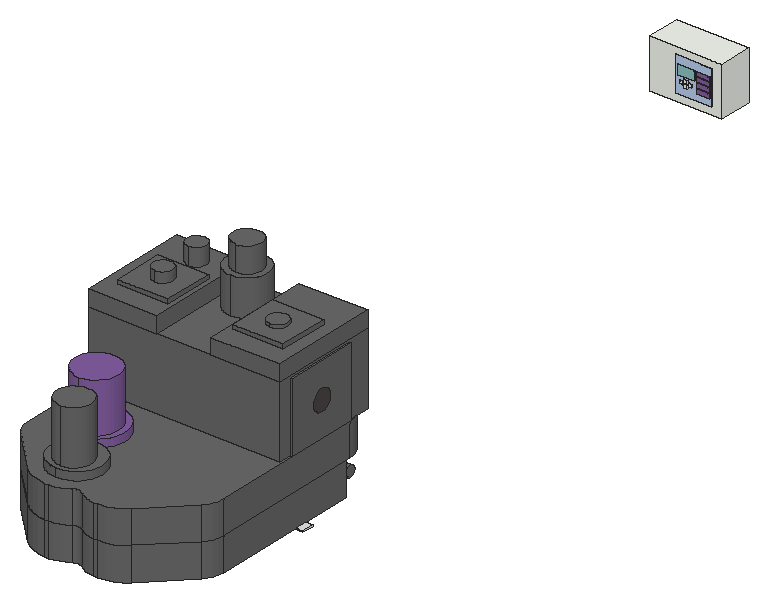
Revit family "11036", category Generic Models, Revit 2021
Family settings
  Can host rebar = No
  Round Connector Dimension = Use Diameter
  Part Type = Normal
  Work Plane-Based = No
  Always vertical = Yes
  Cut with Voids When Loaded = No
  Shared = Yes
  Room Calculation Point = No
Parameters (values of type "11036")
  SUPPLIER = "KESSEL"
  SA700ID49 = "Protection Class I"
  SA700ID48 = "no"
  SA700ID47 = "no"
  SA700ID46 = "yes"
  SA700ID37 = 16000 mm
  SA700ID34 = 47
  SA700ID33 = 3.2 W
  SA700ID32 = 64.23 kg
  SA700ID31 = 1
  SA700ID30 = 1
  SA700ID29 = "GLRD"
  SA700ID21 = 1600
  SA700ID10 = "yes"
  SA700ID08 = 400 V
  PROCUREWEBLINK = "https://p.caden.as/kessel/11036"
  PROCURELINK = "p.caden.as/kessel/11036"
  PROCUREDATALASTUPDATE = "2024-05-22T12:18:05.95377132+01:00"
  PREVIEW = "../../_pool_/fd/4b/11036.png"
  PRC_SPECIFICATIONLINK = "https://ausschreiben.de/catalog/kessel/catalogItem/821f8c6f-f828-4bcd-bf8f-00cce5e51f43"
  NN = "Lifting station Aqualift F XL"
  NBSYN = "$SA810ID03."
  NB = "11036"
  Model = "11036"
  Manufacturer = "KESSEL"
  MIdent = "{$CADENAS_DATA/23d-libs/kessel/kessel_vdi_import/4/entwaesserung/hebeanlage20aqualift20f20xl.prj},201 {STYP=ASS},{VTYP=3D},{NB=11036},{LINA=11036},{NN=Lifting station Aqualift F XL},{DATE=21.11.2022 10:48:11},{GEOMDATE=21.11.2022 10:48:11},{VERSION=},{LINEID=400},{WBVAR=LODLEVEL},{WBNUMERIC=LODLEVEL}  {NB=11036},{LINA=11036},{KT=DUMMY},{PREVIEW=../../_pool_/fd/4b/11036.png},{SA700ID04=Hebeanlage Aqualift F XL 200 l, Mono, SPF 3000-S3},{SA810ID06=04026092057032},{SA700ID34=47.00},{SA010ID03=201805},{SA810ID03=11036},{SA810ID10=Die Hebeanlage für fäkalienhaltiges und fäkalienfreies Abwasser ist mit einer überflutbaren Pumpe sowie einem Rückflussverhinderer ausgestattet. Der Sammelbehälter aus dauerhaft beständigem Kunststoff (PE) bietet universale Anschlussmöglichkeiten und hat eine verschraubte Reinigungsöffnung.Die Steuerung erfolgt durch ein anwenderfreundliches Schaltgerät, das optional über einen potentialfreien Kontakt in die Gebäudeleittechnik eingebunden werden oder Alarm- und Sammelstörmeldungen über eine GSM-Schnittstelle (Comfort Schaltgerät) ausgeben kann.Ausführung:Absperreinrichtung: ohne SchieberAnlagenart: EinzelanlagePumpensteuerung: SchaltgerätRückflussverhinderer: integriertSchalldämmmatte: jaEinbausituation: freie AufstellungAbwasserart: fäkalienhaltigAllgemeine Merkmale:Farbe: schwarzNorm: EN 12050-1Abmessungen:Länge: 980 mmBreite: 760 mmHöhe: 788 mmBehälter/Grundkörper:Zulauf Anzahl: 1 STZulauf Nennweite (DN): 100 mmZulauf Nennweite (DA): 110 mmZulauf max. Anbohrung (DN): 200 mmAnschluss für Handmembranpumpe (DN): 32Behältervolumen: 200 lDruckabgang: senkrechtDruckabgang (DA): 110 mmDruckabgang (DN): 100 mmEntlüftungsanschluss (DN): 70 mmNutzvolumen: 120 lFördereinrichtung:Pumpe: SPF 3000Anzahl Pumpen: 1Förderhöhe max.: 16 mFörderleistung max.: 47 m3/hBetriebsart: S3 - 50 %Leistung P1: 3,2 kWLeistung P2: 2,7 kWDrehzahl: 2.845 U/minFörderguttemperatur (dauerhaft) max.: 40 °CAnschlusstyp: DirektanschlussGewicht: 24 kgLaufrad Typ: FreistromradLänge Netzanschlussleitung Pumpe: 5 mNennstrom: 5,4 ASchutzart Pumpe: IP 68 (3m/48h)Schutzklasse: ITyp Anschlussleitung Pumpe: H07RN-F 7G 1,5 mm2Temperaturüberwachung: integriertSteuerung:Schaltgerät: ComfortBetriebsspannung: 400 VNetzfrequenz: 50 HzSelbstdiagnosesystem (SDS): jaBatteriepufferung: jaMehrzeilige Displayanzeige: jaLogbuchfunktion: jaGSM-Schnittstelle: jaPotentialfreier Kontakt: jaErforderliche Absicherung (Leitungsschutz): 3 x C 16 AMotorschutz Schalter: jaSchutzart Schaltgerät: IP 54Länge Netzanschlussleitung Schaltgerät: 0 mArt Niveauerfassung: pneumatischInstrument Niveauerfassung: TauchrohrAlarmgeber: Tauchrohr},{SA700ID37=16.00},{SA700ID33=3.20},{SA700ID08=400},{SA700ID30=1},{SA700ID32=64.23},{SA700ID49=Schutzklasse I},{SA700ID50=intern},{SA200ID03=6},{SA250ID03=vertikal},{SA260ID03=Trockenläuferpumpe},{SA350ID03=normalansaugend},{SA400ID03=E-Motor für Drehstrom},{SA460ID03=direkt},{SA500ID03=Kunststoff, Edelstahl},{SA700ID06=100},{SA700ID07=100},{SA700ID09=3/N/PE 400V},{SA700ID10=Ja},{SA700ID11=50},{SA700ID12=IP 68},{SA700ID13=F},{SA700ID15=40},{SA700ID21=1600.00},{SA700ID22=2.70},{SA700ID23=2845},{SA700ID24=2845},{SA700ID26=5.40},{SA700ID27=41.00},{SA700ID28=durchgehend},{SA700ID29=GLRD},{SA700ID31=1},{SA700ID46=ja},{SA700ID47=nein},{SA700ID48=nein},{SA110ID04=Hebeanlage Aqualift F XL},{SA300ID03=einstufig},{SA700ID44=10.00},{SA700ID45=10.00},{SA010ID04=KESSEL AG},{LODLEVEL=200},{LINK=https://www.kessel.de/info?han=11036},{SA970ID01=970},{SA970ID02=7129},{SA970ID03=11036},{SA970ID04=11002617},{SA970ID05=QUAD},{SA970ID06=-410.05},{SA970ID07=-850.05},{SA970ID08=0},{SA970ID09=1},{SA970ID10=0},{SA970ID11=0},{SA970ID12=0},{SA970ID13=1},{SA970ID14=0},{SA970ID15=820.09},{SA970ID16=980.02},{SA970ID17=770.96},{LODLEVEL_=200,'Low'},{LODLEVEL_DEU=200,'Low'},{LINK_=https://www.kessel.de/info?han=11036},{LINK_DEU=https://www.kessel.de/info?han=11036},{LODLEVEL_3DB=11036_200},{DNIN1=100},{DNIN2=70},{DNIN4=10},{DNIN5=10},{DNIN6=50},{DNIN7=50},{DNIN8=50},{DNIN9=50},{DNOUT1=32},{DNOUT2=100},{DNOUT3=70},{ISD1=96},{ISD2=10},{ISDOUT1=40},{ISDOUT2=70},{ISDOUT3=65},{SA010ID01=010},{SA010ID02=4},{SA010ID06=www.kessel.de},{SA010ID07=www.kessel.de},{SA010ID12=20180713},{SA010ID13=DEU},{SA010ID14=DE},{SA100ID01=100},{SA100ID02=4},{SA100ID04=Entwässerung},{SA110ID01=110},{SA110ID02=6},{SA200ID01=200},{SA200ID02=6},{SA250ID01=250},{SA250ID02=2},{SA260ID01=260},{SA260ID02=2},{SA300ID01=300},{SA300ID02=1},{SA350ID01=350},{SA350ID02=1},{SA400ID01=400},{SA400ID02=2},{SA460ID01=460},{SA460ID02=1},{SA500ID01=500},{SA500ID02=1},{SA700ID01=700},{SA700ID02=49},{SA700ID10_=1},{SA700ID16=0},{SA700ID25=0},{SA700ID46_=1},{SA700ID47_=0},{SA700ID48_=0},{SA700ID49_=1},{SA700ID50_=2},{SA800ID01=800},{SA800ID02=13},{SA810ID01=810},{SA810ID02=49},{SA810ID04=11036},{SA810ID07=49},{SA810ID09=1},{SA810ID14=PCE},{SA810ID15=1},{SA810ID16=NMP},{SA960ID03=49},{SA960ID04=3L},{SA960ID08=https://www.kessel.de/info?han=11036},{SA010ID08=4026092000007},{SA100ID05=Hebeanlage},{SA110ID06=Hebeanlage}"
  LINK = "https://www.kessel.de/info?han=11036"
  LINA = "11036"
  Default Elevation = 0 mm
  CREATOR = "CADENAS GmbH"
  CATALOG = "KESSEL"
  BOMINFO = "LINA"
  ARTICLENO = "NB"
  4.810.00.9 Order quantity (multiplicator) = "1"
  4.810.00.7 Media- connection number = "49"
  4.810.00.6 GTIN number = "04026092057032"
  4.810.00.4 DATANORM number = "11036"
  4.810.00.3 Producer order number = "11036"
  4.710.03.7 Mass (net) = 64.23 kg
  4.710.03.6 Height = 788 mm
  4.710.03.5 Width = 760 mm
  4.710.03.4 Length = 980 mm
  4.710.03.3 Type of dimensions = "2"
  4.710.02.8 Area of application of wastewater pump = "1"
  4.710.02.7 Art des S2/S3-Betriebs = "50 %"
  4.710.02.6 Duty type = "S3"
  4.710.02.5 Cutting device = "0"
  4.710.02.4 Attached pump control = "1"
  4.710.02.3 Free passage = 40 mm
  4.710.01.6 Option to connect to building automation = "40"
  4.710.01.5 Load regulation = "0"
  4.710.01.4 Designation of closed-loop control = "120"
  4.710.01.3 Identifier for closed-loop control = "200"
  4.700.00.9 Voltage = 0
  4.700.00.8 Nominal connection size on suction side = "100"
  4.700.00.7 Nominal connection size on pressure side = "100"
  4.700.00.6 Type of connection = "100"
  4.700.00.4 Product indentification = "Hebeanlage Aqualift F XL 200 l, Mono, SPF 3000-S3"
  4.700.00.28 Motor pump shaft = "durchgehend"
  4.700.00.27 Starting current = 41
  4.700.00.26 Maximum power consumption per pump / drive = 5.4
  4.700.00.25 Minimum speed at internal speed adjustment = 0
  4.700.00.24 Nominal speed / maximum speed n = 47.4167
  4.700.00.23 Nominal speed of motor = 47.4167
  4.700.00.22 Maximum shaft output (P2) per pump/drive = 2.7 W
  4.700.00.16 Maximum temperature of pumped medium = 0 °C
  4.700.00.15 Increased safety class = "40 °C"
  4.700.00.13 Type of protection = "F"
  4.700.00.12 Frequency = 0
  4.700.00.11 Stern-/Dreieck-Anlaufschaltung bei Dreiphasenanschluss oder Drehstrom = "50 Hz"
  4.700.00.10 Phase = "1"
  4.500.00.3 Variant / Variant type / Accessories-name = "Kunststoff, Edelstahl"
  4.460.00.3 Variant / Variant type / Accessories-name = "direkt"
  4.400.00.3 Variant / Variant type / Accessories-name = "E-Motor für Drehstrom"
  4.350.00.3 Variant / Variant type / Accessories-name = "normalansaugend"
  4.300.00.3 Variant / Variant type / Accessories-name = "einstufig"
  4.260.00.3 Variant / Variant type / Accessories-name = "Trockenläuferpumpe"
  4.250.00.3 Variant / Variant type / Accessories-name = "vertikal"
  4.200.00.3 Variant / Variant type / Accessories-name = "6"
  4.110.00.6 Product classification = "Hebeanlage"
  4.110.00.4 Product indentification = "Hebeanlage Aqualift F XL"
  4.100.00.5 Main groups of wares = "Hebeanlage"
  4.100.00.4 Product indentification = "Entwässerung"
  4.010.00.8 Producer ID number = "4026092000007"
  4.010.00.7 Comment = "www.kessel.de"
  4.010.00.6 Web address of the manufacturer = "www.kessel.de"
  4.010.00.4 Manufacturer name = "KESSEL AG"
  4.010.00.3 Date of issuance (month) of guideline = "201805"
  4.010.00.2 Sheet number of the guideline = "4"
  4.010.00.14 Kennungen der Projektländer, für die die Datei gültig ist = "DE"
  4.010.00.13 Sprache der Datei = "DEU"
  4.010.00.12 Stand des Herstellerkatalogs = "20180713"
Reference planes
  plane 1 "Center (Front/Back)": y = 0
  plane 2: z = 0
  plane 3 "Center (Left/Right)": x = 0
Forms (mm)
  Extrusion 1, void
    sketch origin (380.5, -115, 392) x (0, -1, 0) y (0, 0, 1)
      loop
        line (-0.5, -0.5) -> (0.5, -0.5) -> (0.5, 0.5) -> (-0.5, 0.5) -> (-0.5, -0.5)
    from 0 to 1
  Extrusion 2, void
    sketch origin (160.15, 130.5, 392) x (1, 0, 0) y (0, 0, 1)
      loop
        line (-0.5, -0.5) -> (0.5, -0.5) -> (0.5, 0.5) -> (-0.5, 0.5) -> (-0.5, -0.5)
    from 0 to 1
  Extrusion 3, void
    sketch origin (-161, 130.5, 392) x (1, 0, 0) y (0, 0, 1)
      loop
        line (-0.5, -0.5) -> (0.5, -0.5) -> (0.5, 0.5) -> (-0.5, 0.5) -> (-0.5, -0.5)
    from 0 to 1
  Extrusion 4, void
    sketch origin (-380.5, -115, 392) x (0, 1, 0) y (0, 0, 1)
      loop
        line (-0.5, -0.5) -> (0.5, -0.5) -> (0.5, 0.5) -> (-0.5, 0.5) -> (-0.5, -0.5)
    from 0 to 1
Dimensions and locks
  locked: plane 2 to Extrusion 1 at 392.5
  locked: plane 2 to Extrusion 1 at 391.5
  locked: plane 2 to Extrusion 2 at 392.5
  locked: plane 2 to Extrusion 2 at 391.5
  locked: plane 2 to Extrusion 3 at 392.5
  locked: plane 2 to Extrusion 3 at 391.5
  locked: plane 2 to Extrusion 4 at 392.5
  locked: plane 2 to Extrusion 4 at 391.5
  aligned and locked: level to plane 2
Nested families
  nested 1: "11036_content" at (0, 0, 0), type "11036_Content"
  nested 2: "11036_part1_X0Y0" at (1000, 1000, 1200), type "11036_PART1_X0Y0"
  nested 3: "11036_part2_X0Y0" at (0, 0, 0), type "11036_PART2_X0Y0"
Connectors
  electrical at (911, 934.75, 1201.5)
    settings: on nested 2, index 1, voltage 0 V, apparent load 0 VA, apparent load phase1 0 VA, apparent load phase2 0 VA, apparent load phase3 0 VA, power factor 1, load classification "Other", number of poles 1, system type 31, power factor state 1, is connector primary yes, connector utility no, sub classification motor no, connector description ""
  piping at (0, 0, 771), diameter 100
    settings: on nested 3, index 2, connector inside diameter 609.6 mm, connector length 0 mm, flow factor 0, pipe flow 0.0 L/s, pressure drop 0.0 Pa, fitting loss kfactor 0, connector angle 0.00°, fixture units 0, engagement length 0 mm, angle of deflection 0.00°, flow configuration 0, flow direction 1, fitting loss method 2, system type 8, joint type 0, gender type 0, connector reference index -1, connector utility 0, adjustable connector no, is connector primary yes, connector description ""
  piping at (380.5, -115, 392), diameter 70
    settings: on Extrusion 1, index 3, connector inside diameter 609.6 mm, connector length 0 mm, flow factor 0, pipe flow 0.0 L/s, pressure drop 0.0 Pa, fitting loss kfactor 0, connector angle 0.00°, fixture units 0, engagement length 0 mm, angle of deflection 0.00°, flow configuration 0, flow direction 0, fitting loss method 2, system type 8, joint type 0, gender type 0, connector reference index -1, connector utility 0, adjustable connector no, is connector primary no, connector description ""
  piping at (160.15, 130.5, 392), diameter 70
    settings: on Extrusion 2, index 4, connector inside diameter 609.6 mm, connector length 0 mm, flow factor 0, pipe flow 0.0 L/s, pressure drop 0.0 Pa, fitting loss kfactor 0, connector angle 0.00°, fixture units 0, engagement length 0 mm, angle of deflection 0.00°, flow configuration 0, flow direction 0, fitting loss method 2, system type 8, joint type 0, gender type 0, connector reference index -1, connector utility 0, adjustable connector no, is connector primary no, connector description ""
  piping at (-161, 130.5, 392), diameter 70
    settings: on Extrusion 3, index 5, connector inside diameter 609.6 mm, connector length 0 mm, flow factor 0, pipe flow 0.0 L/s, pressure drop 0.0 Pa, fitting loss kfactor 0, connector angle 0.00°, fixture units 0, engagement length 0 mm, angle of deflection 0.00°, flow configuration 0, flow direction 0, fitting loss method 2, system type 8, joint type 0, gender type 0, connector reference index -1, connector utility 0, adjustable connector no, is connector primary no, connector description ""
  piping at (-380.5, -115, 392), diameter 70
    settings: on Extrusion 4, index 6, connector inside diameter 609.6 mm, connector length 0 mm, flow factor 0, pipe flow 0.0 L/s, pressure drop 0.0 Pa, fitting loss kfactor 0, connector angle 0.00°, fixture units 0, engagement length 0 mm, angle of deflection 0.00°, flow configuration 0, flow direction 0, fitting loss method 2, system type 8, joint type 0, gender type 0, connector reference index -1, connector utility 0, adjustable connector no, is connector primary no, connector description ""
  piping at (-100, -712, 496), diameter 100
    settings: on nested 3, index 7, connector inside diameter 609.6 mm, connector length 0 mm, flow factor 0, pipe flow 0.0 L/s, pressure drop 0.0 Pa, fitting loss kfactor 0, connector angle 0.00°, fixture units 0, engagement length 0 mm, angle of deflection 0.00°, flow configuration 0, flow direction 2, fitting loss method 2, system type 7, joint type 0, gender type 0, connector reference index -1, connector utility 0, adjustable connector no, is connector primary no, connector description ""
  piping at (354.5, 56, 60), diameter 32
    settings: on nested 3, index 8, connector inside diameter 609.6 mm, connector length 0 mm, flow factor 0, pipe flow 0.0 L/s, pressure drop 0.0 Pa, fitting loss kfactor 0, connector angle 0.00°, fixture units 0, engagement length 0 mm, angle of deflection 0.00°, flow configuration 0, flow direction 2, fitting loss method 2, system type 7, joint type 0, gender type 0, connector reference index -1, connector utility 0, adjustable connector no, is connector primary no, connector description ""
  electrical at (-185, -496.75, 477)
    settings: on nested 3, index 9, voltage 0 V, apparent load 0 VA, apparent load phase1 0 VA, apparent load phase2 0 VA, apparent load phase3 0 VA, power factor 1, load classification "Other", number of poles 1, system type 31, power factor state 1, is connector primary no, connector utility no, sub classification motor no, connector description ""
  electrical at (-222.5, -129, 650)
    settings: on nested 3, index 10, voltage 0 V, apparent load 0 VA, apparent load phase1 0 VA, apparent load phase2 0 VA, apparent load phase3 0 VA, power factor 1, load classification "Other", number of poles 1, system type 31, power factor state 1, is connector primary no, connector utility no, sub classification motor no, connector description ""
Definition of nested family "11036_part1_X0Y0"
  Parameters (values of type "11036_PART1_X0Y0")
    SUPPLIER = "KESSEL"
    SA700ID49 = "Protection Class I"
    SA700ID48 = "no"
    SA700ID47 = "no"
    SA700ID46 = "yes"
    SA700ID37 = 16000 mm
    SA700ID34 = 47
    SA700ID33 = 3.2 W
    SA700ID32 = 64.23 kg
    SA700ID31 = 1
    SA700ID30 = 1
    SA700ID29 = "GLRD"
    SA700ID21 = 1600
    SA700ID10 = "yes"
    SA700ID08 = 400 V
    PREVIEW = "../../_pool_/fd/4b/11036.png"
    NBSYN = "$SA810ID03._PART1"
    NB = "11036_PART1"
    Model = "11036_PART1"
    Manufacturer = "KESSEL"
    MIdent = "{$CADENAS_DATA/23d-libs/kessel/kessel_vdi_import/4/entwaesserung/hebeanlage20aqualift20f20xl.prj},221 {VTYP=3D},{NB=11036_PART1},{LINA=11036_PART1},{NN=Lifting station Aqualift F XL_PART1},{NOPRJ=TRUE},{DATE=21.11.2022 10:48:11},{GEOMDATE=21.11.2022 10:48:11},{VERSION=},{LINEID=400},{WBVAR=LODLEVEL},{WBNUMERIC=LODLEVEL}  {NB=11036_PART1},{LINA=11036_PART1},{KT=DUMMY},{PREVIEW=../../_pool_/fd/4b/11036.png},{SA700ID04=Hebeanlage Aqualift F XL 200 l, Mono, SPF 3000-S3},{SA810ID06=04026092057032},{SA700ID34=47.00},{SA010ID03=201805},{SA810ID03=11036},{SA810ID10=Die Hebeanlage für fäkalienhaltiges und fäkalienfreies Abwasser ist mit einer überflutbaren Pumpe sowie einem Rückflussverhinderer ausgestattet. Der Sammelbehälter aus dauerhaft beständigem Kunststoff (PE) bietet universale Anschlussmöglichkeiten und hat eine verschraubte Reinigungsöffnung.Die Steuerung erfolgt durch ein anwenderfreundliches Schaltgerät, das optional über einen potentialfreien Kontakt in die Gebäudeleittechnik eingebunden werden oder Alarm- und Sammelstörmeldungen über eine GSM-Schnittstelle (Comfort Schaltgerät) ausgeben kann.Ausführung:Absperreinrichtung: ohne SchieberAnlagenart: EinzelanlagePumpensteuerung: SchaltgerätRückflussverhinderer: integriertSchalldämmmatte: jaEinbausituation: freie AufstellungAbwasserart: fäkalienhaltigAllgemeine Merkmale:Farbe: schwarzNorm: EN 12050-1Abmessungen:Länge: 980 mmBreite: 760 mmHöhe: 788 mmBehälter/Grundkörper:Zulauf Anzahl: 1 STZulauf Nennweite (DN): 100 mmZulauf Nennweite (DA): 110 mmZulauf max. Anbohrung (DN): 200 mmAnschluss für Handmembranpumpe (DN): 32Behältervolumen: 200 lDruckabgang: senkrechtDruckabgang (DA): 110 mmDruckabgang (DN): 100 mmEntlüftungsanschluss (DN): 70 mmNutzvolumen: 120 lFördereinrichtung:Pumpe: SPF 3000Anzahl Pumpen: 1Förderhöhe max.: 16 mFörderleistung max.: 47 m3/hBetriebsart: S3 - 50 %Leistung P1: 3,2 kWLeistung P2: 2,7 kWDrehzahl: 2.845 U/minFörderguttemperatur (dauerhaft) max.: 40 °CAnschlusstyp: DirektanschlussGewicht: 24 kgLaufrad Typ: FreistromradLänge Netzanschlussleitung Pumpe: 5 mNennstrom: 5,4 ASchutzart Pumpe: IP 68 (3m/48h)Schutzklasse: ITyp Anschlussleitung Pumpe: H07RN-F 7G 1,5 mm2Temperaturüberwachung: integriertSteuerung:Schaltgerät: ComfortBetriebsspannung: 400 VNetzfrequenz: 50 HzSelbstdiagnosesystem (SDS): jaBatteriepufferung: jaMehrzeilige Displayanzeige: jaLogbuchfunktion: jaGSM-Schnittstelle: jaPotentialfreier Kontakt: jaErforderliche Absicherung (Leitungsschutz): 3 x C 16 AMotorschutz Schalter: jaSchutzart Schaltgerät: IP 54Länge Netzanschlussleitung Schaltgerät: 0 mArt Niveauerfassung: pneumatischInstrument Niveauerfassung: TauchrohrAlarmgeber: Tauchrohr},{SA700ID37=16.00},{SA700ID33=3.20},{SA700ID08=400},{SA700ID30=1},{SA700ID32=64.23},{SA700ID49=Schutzklasse I},{SA700ID50=intern},{SA200ID03=6},{SA250ID03=vertikal},{SA260ID03=Trockenläuferpumpe},{SA350ID03=normalansaugend},{SA400ID03=E-Motor für Drehstrom},{SA460ID03=direkt},{SA500ID03=Kunststoff, Edelstahl},{SA700ID06=100},{SA700ID07=100},{SA700ID09=3/N/PE 400V},{SA700ID10=Ja},{SA700ID11=50},{SA700ID12=IP 68},{SA700ID13=F},{SA700ID15=40},{SA700ID21=1600.00},{SA700ID22=2.70},{SA700ID23=2845},{SA700ID24=2845},{SA700ID26=5.40},{SA700ID27=41.00},{SA700ID28=durchgehend},{SA700ID29=GLRD},{SA700ID31=1},{SA700ID46=ja},{SA700ID47=nein},{SA700ID48=nein},{SA110ID04=Hebeanlage Aqualift F XL},{SA300ID03=einstufig},{SA700ID44=10.00},{SA700ID45=10.00},{SA010ID04=KESSEL AG},{LODLEVEL=200},{LINK=https://www.kessel.de/info?han=11036},{SA970ID01=970},{SA970ID02=7129},{SA970ID03=11036},{SA970ID04=11002617},{SA970ID05=QUAD},{SA970ID06=-410.05},{SA970ID07=-850.05},{SA970ID08=0},{SA970ID09=1},{SA970ID10=0},{SA970ID11=0},{SA970ID12=0},{SA970ID13=1},{SA970ID14=0},{SA970ID15=820.09},{SA970ID16=980.02},{SA970ID17=770.96},{LODLEVEL_=200,'Low'},{LODLEVEL_DEU=200,'Low'},{LINK_=https://www.kessel.de/info?han=11036},{LINK_DEU=https://www.kessel.de/info?han=11036},{LODLEVEL_3DB=11036_200},{DNIN1=100},{DNIN2=70},{DNIN4=10},{DNIN5=10},{DNIN6=50},{DNIN7=50},{DNIN8=50},{DNIN9=50},{DNOUT1=32},{DNOUT2=100},{DNOUT3=70},{ISD1=96},{ISD2=10},{ISDOUT1=40},{ISDOUT2=70},{ISDOUT3=65},{SA010ID01=010},{SA010ID02=4},{SA010ID06=www.kessel.de},{SA010ID07=www.kessel.de},{SA010ID12=20180713},{SA010ID13=DEU},{SA010ID14=DE},{SA100ID01=100},{SA100ID02=4},{SA100ID04=Entwässerung},{SA110ID01=110},{SA110ID02=6},{SA200ID01=200},{SA200ID02=6},{SA250ID01=250},{SA250ID02=2},{SA260ID01=260},{SA260ID02=2},{SA300ID01=300},{SA300ID02=1},{SA350ID01=350},{SA350ID02=1},{SA400ID01=400},{SA400ID02=2},{SA460ID01=460},{SA460ID02=1},{SA500ID01=500},{SA500ID02=1},{SA700ID01=700},{SA700ID02=49},{SA700ID10_=1},{SA700ID16=0},{SA700ID25=0},{SA700ID46_=1},{SA700ID47_=0},{SA700ID48_=0},{SA700ID49_=1},{SA700ID50_=2},{SA800ID01=800},{SA800ID02=13},{SA810ID01=810},{SA810ID02=49},{SA810ID04=11036},{SA810ID07=49},{SA810ID09=1},{SA810ID14=PCE},{SA810ID15=1},{SA810ID16=NMP},{SA960ID03=49},{SA960ID04=3L},{SA960ID08=https://www.kessel.de/info?han=11036},{SA010ID08=4026092000007},{SA100ID05=Hebeanlage},{SA110ID06=Hebeanlage}"
    LINK = "https://www.kessel.de/info?han=11036"
    LINA = "11036_PART1"
    Default Elevation = 1219.2 mm
    CREATOR = "CADENAS GmbH"
    CATALOG = "KESSEL"
    BOMINFO = "LINA"
    ARTICLENO = "NB"
    4.810.00.9 Order quantity (multiplicator) = "1"
    4.810.00.7 Media- connection number = "49"
    4.810.00.6 GTIN number = "04026092057032"
    4.810.00.4 DATANORM number = "11036"
    4.810.00.3 Producer order number = "11036"
    4.710.03.7 Mass (net) = 64.23 kg
    4.710.03.6 Height = 788 mm
    4.710.03.5 Width = 760 mm
    4.710.03.4 Length = 980 mm
    4.710.03.3 Type of dimensions = "2"
    4.710.02.8 Area of application of wastewater pump = "1"
    4.710.02.7 Art des S2/S3-Betriebs = "50 %"
    4.710.02.6 Duty type = "S3"
    4.710.02.5 Cutting device = "0"
    4.710.02.4 Attached pump control = "1"
    4.710.02.3 Free passage = 40 mm
    4.710.01.6 Option to connect to building automation = "40"
    4.710.01.5 Load regulation = "0"
    4.710.01.4 Designation of closed-loop control = "120"
    4.710.01.3 Identifier for closed-loop control = "200"
    4.700.00.9 Voltage = 0
    4.700.00.8 Nominal connection size on suction side = "100"
    4.700.00.7 Nominal connection size on pressure side = "100"
    4.700.00.6 Type of connection = "100"
    4.700.00.4 Product indentification = "Hebeanlage Aqualift F XL 200 l, Mono, SPF 3000-S3"
    4.700.00.28 Motor pump shaft = "durchgehend"
    4.700.00.27 Starting current = 41
    4.700.00.26 Maximum power consumption per pump / drive = 5.4
    4.700.00.25 Minimum speed at internal speed adjustment = 0
    4.700.00.24 Nominal speed / maximum speed n = 47.4167
    4.700.00.23 Nominal speed of motor = 47.4167
    4.700.00.22 Maximum shaft output (P2) per pump/drive = 2.7 W
    4.700.00.16 Maximum temperature of pumped medium = 0 °C
    4.700.00.15 Increased safety class = "40 °C"
    4.700.00.13 Type of protection = "F"
    4.700.00.12 Frequency = 0
    4.700.00.11 Stern-/Dreieck-Anlaufschaltung bei Dreiphasenanschluss oder Drehstrom = "50 Hz"
    4.700.00.10 Phase = "1"
    4.500.00.3 Variant / Variant type / Accessories-name = "Kunststoff, Edelstahl"
    4.460.00.3 Variant / Variant type / Accessories-name = "direkt"
    4.400.00.3 Variant / Variant type / Accessories-name = "E-Motor für Drehstrom"
    4.350.00.3 Variant / Variant type / Accessories-name = "normalansaugend"
    4.300.00.3 Variant / Variant type / Accessories-name = "einstufig"
    4.260.00.3 Variant / Variant type / Accessories-name = "Trockenläuferpumpe"
    4.250.00.3 Variant / Variant type / Accessories-name = "vertikal"
    4.200.00.3 Variant / Variant type / Accessories-name = "6"
    4.110.00.6 Product classification = "Hebeanlage"
    4.110.00.4 Product indentification = "Hebeanlage Aqualift F XL"
    4.100.00.5 Main groups of wares = "Hebeanlage"
    4.100.00.4 Product indentification = "Entwässerung"
    4.010.00.8 Producer ID number = "4026092000007"
    4.010.00.7 Comment = "www.kessel.de"
    4.010.00.6 Web address of the manufacturer = "www.kessel.de"
    4.010.00.4 Manufacturer name = "KESSEL AG"
    4.010.00.3 Date of issuance (month) of guideline = "201805"
    4.010.00.2 Sheet number of the guideline = "4"
    4.010.00.14 Kennungen der Projektländer, für die die Datei gültig ist = "DE"
    4.010.00.13 Sprache der Datei = "DEU"
    4.010.00.12 Stand des Herstellerkatalogs = "20180713"
  Reference planes
    plane 1 "Center (Front/Back)": y = 0
    plane 2: z = 0
    plane 3 "Center (Left/Right)": x = 0
  Dimensions and locks
    aligned and locked: level to plane 2
  Nested families
    nested 1: "11036_part1_content" at (0, 0, 0), type "11036_PART1_Content"
  Definition of nested family "11036_part1_content"
    Parameters (values of type "11036_PART1_Content")
      SUPPLIER = "KESSEL"
      SA700ID49 = "Protection Class I"
      SA700ID48 = "no"
      SA700ID47 = "no"
      SA700ID46 = "yes"
      SA700ID37 = 16000 mm
      SA700ID34 = 47
      SA700ID33 = 3.2 W
      SA700ID32 = 64.23 kg
      SA700ID31 = 1
      SA700ID30 = 1
      SA700ID29 = "GLRD"
      SA700ID21 = 1600
      SA700ID10 = "yes"
      SA700ID08 = 400 V
      PREVIEW = "../../_pool_/fd/4b/11036.png"
      NBSYN = "$SA810ID03._PART1"
      NB = "11036_PART1"
      Model = "11036_PART1"
      Manufacturer = "KESSEL"
      LINK = "https://www.kessel.de/info?han=11036"
      LINA = "11036_PART1"
      Default Elevation = 1219.2 mm
      CREATOR = "CADENAS GmbH"
      CATALOG = "KESSEL"
      BOMINFO = "LINA"
      ARTICLENO = "NB"
      4.810.00.9 Order quantity (multiplicator) = "1"
      4.810.00.7 Media- connection number = "49"
      4.810.00.6 GTIN number = "04026092057032"
      4.810.00.4 DATANORM number = "11036"
      4.810.00.3 Producer order number = "11036"
      4.710.03.7 Mass (net) = 64.23 kg
      4.710.03.6 Height = 788 mm
      4.710.03.5 Width = 760 mm
      4.710.03.4 Length = 980 mm
      4.710.03.3 Type of dimensions = "2"
      4.710.02.8 Area of application of wastewater pump = "1"
      4.710.02.7 Art des S2/S3-Betriebs = "50 %"
      4.710.02.6 Duty type = "S3"
      4.710.02.5 Cutting device = "0"
      4.710.02.4 Attached pump control = "1"
      4.710.02.3 Free passage = 40 mm
      4.710.01.6 Option to connect to building automation = "40"
      4.710.01.5 Load regulation = "0"
      4.710.01.4 Designation of closed-loop control = "120"
      4.710.01.3 Identifier for closed-loop control = "200"
      4.700.00.9 Voltage = 0
      4.700.00.8 Nominal connection size on suction side = "100"
      4.700.00.7 Nominal connection size on pressure side = "100"
      4.700.00.6 Type of connection = "100"
      4.700.00.4 Product indentification = "Hebeanlage Aqualift F XL 200 l, Mono, SPF 3000-S3"
      4.700.00.28 Motor pump shaft = "durchgehend"
      4.700.00.27 Starting current = 41
      4.700.00.26 Maximum power consumption per pump / drive = 5.4
      4.700.00.25 Minimum speed at internal speed adjustment = 0
      4.700.00.24 Nominal speed / maximum speed n = 47.4167
      4.700.00.23 Nominal speed of motor = 47.4167
      4.700.00.22 Maximum shaft output (P2) per pump/drive = 2.7 W
      4.700.00.16 Maximum temperature of pumped medium = 0 °C
      4.700.00.15 Increased safety class = "40 °C"
      4.700.00.13 Type of protection = "F"
      4.700.00.12 Frequency = 0
      4.700.00.11 Stern-/Dreieck-Anlaufschaltung bei Dreiphasenanschluss oder Drehstrom = "50 Hz"
      4.700.00.10 Phase = "1"
      4.500.00.3 Variant / Variant type / Accessories-name = "Kunststoff, Edelstahl"
      4.460.00.3 Variant / Variant type / Accessories-name = "direkt"
      4.400.00.3 Variant / Variant type / Accessories-name = "E-Motor für Drehstrom"
      4.350.00.3 Variant / Variant type / Accessories-name = "normalansaugend"
      4.300.00.3 Variant / Variant type / Accessories-name = "einstufig"
      4.260.00.3 Variant / Variant type / Accessories-name = "Trockenläuferpumpe"
      4.250.00.3 Variant / Variant type / Accessories-name = "vertikal"
      4.200.00.3 Variant / Variant type / Accessories-name = "6"
      4.110.00.6 Product classification = "Hebeanlage"
      4.110.00.4 Product indentification = "Hebeanlage Aqualift F XL"
      4.100.00.5 Main groups of wares = "Hebeanlage"
      4.100.00.4 Product indentification = "Entwässerung"
      4.010.00.8 Producer ID number = "4026092000007"
      4.010.00.7 Comment = "www.kessel.de"
      4.010.00.6 Web address of the manufacturer = "www.kessel.de"
      4.010.00.4 Manufacturer name = "KESSEL AG"
      4.010.00.3 Date of issuance (month) of guideline = "201805"
      4.010.00.2 Sheet number of the guideline = "4"
      4.010.00.14 Kennungen der Projektländer, für die die Datei gültig ist = "DE"
      4.010.00.13 Sprache der Datei = "DEU"
      4.010.00.12 Stand des Herstellerkatalogs = "20180713"
    Reference planes
      plane 1 "Center (Front/Back)": y = 0
      plane 2: z = 0
      plane 3 "Center (Left/Right)": x = 0
    Forms (mm)
      Extrusion 1, solid, detail levels medium+fine
        sketch origin (139, 0, 0.2) x (0, -1, 0) y (0, 0, 1)
          loop
            line (0, 187.8) -> (0, 0) -> (127.75, 0) -> (127.75, 187.8) -> (0, 187.8)
        from 0 to 278
      Extrusion 2, solid, detail levels medium+fine
        sketch origin (101, -127.75, 26.5) x (0, -1, 0) y (0, 0, 1)
          loop
            line (-1.2, 134.8) -> (-1.2, 0) -> (0.25, 0) -> (0.25, 134.8) -> (-1.2, 134.8)
        from 0 to 139.9
      Extrusion 3, solid, detail levels medium+fine
        sketch origin (22.75, -128, 66) x (0, -1, 0) y (0, 0, 1)
          loop
            line (-1, 12) -> (-1, 0) -> (0.5, 0) -> (0.5, 12) -> (-1, 12)
        from 0 to 12
      Extrusion 4, solid, detail levels medium+fine
        sketch origin (34.65, -128, 93.4) x (0, -1, 0) y (0, 0, 1)
          loop
            line (-1, 37) -> (-1, 0) -> (0.5, 0) -> (0.5, 37) -> (-1, 37)
        from 0 to 66
      Extrusion 5, solid, detail levels medium+fine
        sketch origin (5.5, -128, 74) x (0, -1, 0) y (0, 0, 1)
          loop
            line (-1, 12) -> (-1, 0) -> (0.5, 0) -> (0.5, 12) -> (-1, 12)
        from 0 to 12
      Extrusion 6, solid, detail levels medium+fine
        sketch origin (93.5, -128, 94.4) x (0, -1, 0) y (0, 0, 1)
          loop
            line (0, 16) -> (0, 0) -> (1.75, 0) -> (1.75, 16) -> (0, 16)
        from 0 to 51
      Extrusion 7, solid, detail levels medium+fine
        sketch origin (93.5, -128, 74.4) x (0, -1, 0) y (0, 0, 1)
          loop
            line (0, 16) -> (0, 0) -> (1.75, 0) -> (1.75, 16) -> (0, 16)
        from 0 to 51
      Extrusion 8, solid, detail levels medium+fine
        sketch origin (5.5, -128, 57.5) x (0, -1, 0) y (0, 0, 1)
          loop
            line (-1, 12) -> (-1, 0) -> (0.5, 0) -> (0.5, 12) -> (-1, 12)
        from 0 to 12
      Extrusion 9, solid, detail levels medium+fine
        sketch origin (93.5, -128, 114.4) x (0, -1, 0) y (0, 0, 1)
          loop
            line (0, 16) -> (0, 0) -> (1.75, 0) -> (1.75, 16) -> (0, 16)
        from 0 to 51
      Extrusion 10, solid, detail levels medium+fine
        sketch origin (93.5, -128, 54.4) x (0, -1, 0) y (0, 0, 1)
          loop
            line (0, 16) -> (0, 0) -> (1.75, 0) -> (1.75, 16) -> (0, 16)
        from 0 to 51
      Extrusion 11, solid, detail levels medium+fine
        sketch origin (-11.75, -128, 66) x (0, -1, 0) y (0, 0, 1)
          loop
            line (-1, 12) -> (-1, 0) -> (0.5, 0) -> (0.5, 12) -> (-1, 12)
        from 0 to 12
      Extrusion 12, solid, detail levels medium+fine
        sketch origin (12, -40.25, 0) x (0, 1, 0) y (-1, 0, 0)
          loop
            circle (0, 0) r 5.25
        from 0 to 1.5
      Extrusion 13, solid, detail levels medium+fine
        sketch origin (27, -70.25, 0) x (0, 1, 0) y (-1, 0, 0)
          loop
            circle (0, 0) r 8
        from 0 to 1.5
      Extrusion 14, solid, detail levels medium+fine
        sketch origin (-44, -65.25, 0) x (0, 1, 0) y (-1, 0, 0)
          loop
            circle (0, 0) r 12.5
        from 0 to 1.5
      Extrusion 15, solid, detail levels medium+fine
        sketch origin (42, -42, 0) x (0, 1, 0) y (-1, 0, 0)
          loop
            circle (0, 0) r 8
        from 0 to 1.5
      Extrusion 16, solid, detail levels medium+fine
        sketch origin (57, -70.25, 0) x (0, 1, 0) y (-1, 0, 0)
          loop
            circle (0, 0) r 8
        from 0 to 1.5
      Extrusion 17, solid, detail levels medium+fine
        sketch origin (72, -42, 0) x (0, 1, 0) y (-1, 0, 0)
          loop
            circle (0, 0) r 8
        from 0 to 1.5
      Extrusion 18, solid, detail levels medium+fine
        sketch origin (87, -70.25, 0) x (0, 1, 0) y (-1, 0, 0)
          loop
            circle (0, 0) r 8
        from 0 to 1.5
      Extrusion 19, solid, detail levels medium+fine
        sketch origin (-89, -65.25, 0) x (0, 1, 0) y (-1, 0, 0)
          loop
            circle (0, 0) r 12.5
        from 0 to 1.5
      Extrusion 20, solid, detail levels medium+fine
        sketch origin (77, -15, 0) x (0, 1, 0) y (-1, 0, 0)
          loop
            circle (0, 0) r 6
        from 0 to 1.5
      Extrusion 21, solid, detail levels medium+fine
        sketch origin (102, -42, 0) x (0, 1, 0) y (-1, 0, 0)
          loop
            circle (0, 0) r 8
        from 0 to 1.5
      Extrusion 22, solid, detail levels coarse
        sketch origin (0, -64.875, 0) x (1, 0, 0) y (0, 1, 0)
          loop
            line (-139, -64.875) -> (139, -64.875) -> (139, 64.875) -> (-139, 64.875) -> (-139, -64.875)
        from 0 to 188
    Dimensions and locks
      aligned and locked: level to plane 2
Definition of nested family "11036_part2_X0Y0"
  Parameters (values of type "11036_PART2_X0Y0")
    SUPPLIER = "KESSEL"
    SA700ID49 = "Protection Class I"
    SA700ID48 = "no"
    SA700ID47 = "no"
    SA700ID46 = "yes"
    SA700ID37 = 16000 mm
    SA700ID34 = 47
    SA700ID33 = 3.2 W
    SA700ID32 = 64.23 kg
    SA700ID31 = 1
    SA700ID30 = 1
    SA700ID29 = "GLRD"
    SA700ID21 = 1600
    SA700ID10 = "yes"
    SA700ID08 = 400 V
    PREVIEW = "../../_pool_/fd/4b/11036.png"
    NBSYN = "$SA810ID03._PART2"
    NB = "11036_PART2"
    Model = "11036_PART2"
    Manufacturer = "KESSEL"
    MIdent = "{$CADENAS_DATA/23d-libs/kessel/kessel_vdi_import/4/entwaesserung/hebeanlage20aqualift20f20xl.prj},221 {VTYP=3D},{NB=11036_PART2},{LINA=11036_PART2},{NN=Lifting station Aqualift F XL_PART2},{NOPRJ=TRUE},{DATE=21.11.2022 10:48:11},{GEOMDATE=21.11.2022 10:48:11},{VERSION=},{LINEID=400},{WBVAR=LODLEVEL},{WBNUMERIC=LODLEVEL}  {NB=11036_PART2},{LINA=11036_PART2},{KT=DUMMY},{PREVIEW=../../_pool_/fd/4b/11036.png},{SA700ID04=Hebeanlage Aqualift F XL 200 l, Mono, SPF 3000-S3},{SA810ID06=04026092057032},{SA700ID34=47.00},{SA010ID03=201805},{SA810ID03=11036},{SA810ID10=Die Hebeanlage für fäkalienhaltiges und fäkalienfreies Abwasser ist mit einer überflutbaren Pumpe sowie einem Rückflussverhinderer ausgestattet. Der Sammelbehälter aus dauerhaft beständigem Kunststoff (PE) bietet universale Anschlussmöglichkeiten und hat eine verschraubte Reinigungsöffnung.Die Steuerung erfolgt durch ein anwenderfreundliches Schaltgerät, das optional über einen potentialfreien Kontakt in die Gebäudeleittechnik eingebunden werden oder Alarm- und Sammelstörmeldungen über eine GSM-Schnittstelle (Comfort Schaltgerät) ausgeben kann.Ausführung:Absperreinrichtung: ohne SchieberAnlagenart: EinzelanlagePumpensteuerung: SchaltgerätRückflussverhinderer: integriertSchalldämmmatte: jaEinbausituation: freie AufstellungAbwasserart: fäkalienhaltigAllgemeine Merkmale:Farbe: schwarzNorm: EN 12050-1Abmessungen:Länge: 980 mmBreite: 760 mmHöhe: 788 mmBehälter/Grundkörper:Zulauf Anzahl: 1 STZulauf Nennweite (DN): 100 mmZulauf Nennweite (DA): 110 mmZulauf max. Anbohrung (DN): 200 mmAnschluss für Handmembranpumpe (DN): 32Behältervolumen: 200 lDruckabgang: senkrechtDruckabgang (DA): 110 mmDruckabgang (DN): 100 mmEntlüftungsanschluss (DN): 70 mmNutzvolumen: 120 lFördereinrichtung:Pumpe: SPF 3000Anzahl Pumpen: 1Förderhöhe max.: 16 mFörderleistung max.: 47 m3/hBetriebsart: S3 - 50 %Leistung P1: 3,2 kWLeistung P2: 2,7 kWDrehzahl: 2.845 U/minFörderguttemperatur (dauerhaft) max.: 40 °CAnschlusstyp: DirektanschlussGewicht: 24 kgLaufrad Typ: FreistromradLänge Netzanschlussleitung Pumpe: 5 mNennstrom: 5,4 ASchutzart Pumpe: IP 68 (3m/48h)Schutzklasse: ITyp Anschlussleitung Pumpe: H07RN-F 7G 1,5 mm2Temperaturüberwachung: integriertSteuerung:Schaltgerät: ComfortBetriebsspannung: 400 VNetzfrequenz: 50 HzSelbstdiagnosesystem (SDS): jaBatteriepufferung: jaMehrzeilige Displayanzeige: jaLogbuchfunktion: jaGSM-Schnittstelle: jaPotentialfreier Kontakt: jaErforderliche Absicherung (Leitungsschutz): 3 x C 16 AMotorschutz Schalter: jaSchutzart Schaltgerät: IP 54Länge Netzanschlussleitung Schaltgerät: 0 mArt Niveauerfassung: pneumatischInstrument Niveauerfassung: TauchrohrAlarmgeber: Tauchrohr},{SA700ID37=16.00},{SA700ID33=3.20},{SA700ID08=400},{SA700ID30=1},{SA700ID32=64.23},{SA700ID49=Schutzklasse I},{SA700ID50=intern},{SA200ID03=6},{SA250ID03=vertikal},{SA260ID03=Trockenläuferpumpe},{SA350ID03=normalansaugend},{SA400ID03=E-Motor für Drehstrom},{SA460ID03=direkt},{SA500ID03=Kunststoff, Edelstahl},{SA700ID06=100},{SA700ID07=100},{SA700ID09=3/N/PE 400V},{SA700ID10=Ja},{SA700ID11=50},{SA700ID12=IP 68},{SA700ID13=F},{SA700ID15=40},{SA700ID21=1600.00},{SA700ID22=2.70},{SA700ID23=2845},{SA700ID24=2845},{SA700ID26=5.40},{SA700ID27=41.00},{SA700ID28=durchgehend},{SA700ID29=GLRD},{SA700ID31=1},{SA700ID46=ja},{SA700ID47=nein},{SA700ID48=nein},{SA110ID04=Hebeanlage Aqualift F XL},{SA300ID03=einstufig},{SA700ID44=10.00},{SA700ID45=10.00},{SA010ID04=KESSEL AG},{LODLEVEL=200},{LINK=https://www.kessel.de/info?han=11036},{SA970ID01=970},{SA970ID02=7129},{SA970ID03=11036},{SA970ID04=11002617},{SA970ID05=QUAD},{SA970ID06=-410.05},{SA970ID07=-850.05},{SA970ID08=0},{SA970ID09=1},{SA970ID10=0},{SA970ID11=0},{SA970ID12=0},{SA970ID13=1},{SA970ID14=0},{SA970ID15=820.09},{SA970ID16=980.02},{SA970ID17=770.96},{LODLEVEL_=200,'Low'},{LODLEVEL_DEU=200,'Low'},{LINK_=https://www.kessel.de/info?han=11036},{LINK_DEU=https://www.kessel.de/info?han=11036},{LODLEVEL_3DB=11036_200},{DNIN1=100},{DNIN2=70},{DNIN4=10},{DNIN5=10},{DNIN6=50},{DNIN7=50},{DNIN8=50},{DNIN9=50},{DNOUT1=32},{DNOUT2=100},{DNOUT3=70},{ISD1=96},{ISD2=10},{ISDOUT1=40},{ISDOUT2=70},{ISDOUT3=65},{SA010ID01=010},{SA010ID02=4},{SA010ID06=www.kessel.de},{SA010ID07=www.kessel.de},{SA010ID12=20180713},{SA010ID13=DEU},{SA010ID14=DE},{SA100ID01=100},{SA100ID02=4},{SA100ID04=Entwässerung},{SA110ID01=110},{SA110ID02=6},{SA200ID01=200},{SA200ID02=6},{SA250ID01=250},{SA250ID02=2},{SA260ID01=260},{SA260ID02=2},{SA300ID01=300},{SA300ID02=1},{SA350ID01=350},{SA350ID02=1},{SA400ID01=400},{SA400ID02=2},{SA460ID01=460},{SA460ID02=1},{SA500ID01=500},{SA500ID02=1},{SA700ID01=700},{SA700ID02=49},{SA700ID10_=1},{SA700ID16=0},{SA700ID25=0},{SA700ID46_=1},{SA700ID47_=0},{SA700ID48_=0},{SA700ID49_=1},{SA700ID50_=2},{SA800ID01=800},{SA800ID02=13},{SA810ID01=810},{SA810ID02=49},{SA810ID04=11036},{SA810ID07=49},{SA810ID09=1},{SA810ID14=PCE},{SA810ID15=1},{SA810ID16=NMP},{SA960ID03=49},{SA960ID04=3L},{SA960ID08=https://www.kessel.de/info?han=11036},{SA010ID08=4026092000007},{SA100ID05=Hebeanlage},{SA110ID06=Hebeanlage}"
    LINK = "https://www.kessel.de/info?han=11036"
    LINA = "11036_PART2"
    Default Elevation = 1219.2 mm
    CREATOR = "CADENAS GmbH"
    CATALOG = "KESSEL"
    BOMINFO = "LINA"
    ARTICLENO = "NB"
    4.810.00.9 Order quantity (multiplicator) = "1"
    4.810.00.7 Media- connection number = "49"
    4.810.00.6 GTIN number = "04026092057032"
    4.810.00.4 DATANORM number = "11036"
    4.810.00.3 Producer order number = "11036"
    4.710.03.7 Mass (net) = 64.23 kg
    4.710.03.6 Height = 788 mm
    4.710.03.5 Width = 760 mm
    4.710.03.4 Length = 980 mm
    4.710.03.3 Type of dimensions = "2"
    4.710.02.8 Area of application of wastewater pump = "1"
    4.710.02.7 Art des S2/S3-Betriebs = "50 %"
    4.710.02.6 Duty type = "S3"
    4.710.02.5 Cutting device = "0"
    4.710.02.4 Attached pump control = "1"
    4.710.02.3 Free passage = 40 mm
    4.710.01.6 Option to connect to building automation = "40"
    4.710.01.5 Load regulation = "0"
    4.710.01.4 Designation of closed-loop control = "120"
    4.710.01.3 Identifier for closed-loop control = "200"
    4.700.00.9 Voltage = 0
    4.700.00.8 Nominal connection size on suction side = "100"
    4.700.00.7 Nominal connection size on pressure side = "100"
    4.700.00.6 Type of connection = "100"
    4.700.00.4 Product indentification = "Hebeanlage Aqualift F XL 200 l, Mono, SPF 3000-S3"
    4.700.00.28 Motor pump shaft = "durchgehend"
    4.700.00.27 Starting current = 41
    4.700.00.26 Maximum power consumption per pump / drive = 5.4
    4.700.00.25 Minimum speed at internal speed adjustment = 0
    4.700.00.24 Nominal speed / maximum speed n = 47.4167
    4.700.00.23 Nominal speed of motor = 47.4167
    4.700.00.22 Maximum shaft output (P2) per pump/drive = 2.7 W
    4.700.00.16 Maximum temperature of pumped medium = 0 °C
    4.700.00.15 Increased safety class = "40 °C"
    4.700.00.13 Type of protection = "F"
    4.700.00.12 Frequency = 0
    4.700.00.11 Stern-/Dreieck-Anlaufschaltung bei Dreiphasenanschluss oder Drehstrom = "50 Hz"
    4.700.00.10 Phase = "1"
    4.500.00.3 Variant / Variant type / Accessories-name = "Kunststoff, Edelstahl"
    4.460.00.3 Variant / Variant type / Accessories-name = "direkt"
    4.400.00.3 Variant / Variant type / Accessories-name = "E-Motor für Drehstrom"
    4.350.00.3 Variant / Variant type / Accessories-name = "normalansaugend"
    4.300.00.3 Variant / Variant type / Accessories-name = "einstufig"
    4.260.00.3 Variant / Variant type / Accessories-name = "Trockenläuferpumpe"
    4.250.00.3 Variant / Variant type / Accessories-name = "vertikal"
    4.200.00.3 Variant / Variant type / Accessories-name = "6"
    4.110.00.6 Product classification = "Hebeanlage"
    4.110.00.4 Product indentification = "Hebeanlage Aqualift F XL"
    4.100.00.5 Main groups of wares = "Hebeanlage"
    4.100.00.4 Product indentification = "Entwässerung"
    4.010.00.8 Producer ID number = "4026092000007"
    4.010.00.7 Comment = "www.kessel.de"
    4.010.00.6 Web address of the manufacturer = "www.kessel.de"
    4.010.00.4 Manufacturer name = "KESSEL AG"
    4.010.00.3 Date of issuance (month) of guideline = "201805"
    4.010.00.2 Sheet number of the guideline = "4"
    4.010.00.14 Kennungen der Projektländer, für die die Datei gültig ist = "DE"
    4.010.00.13 Sprache der Datei = "DEU"
    4.010.00.12 Stand des Herstellerkatalogs = "20180713"
  Reference planes
    plane 1 "Center (Front/Back)": y = 0
    plane 2: z = 0
    plane 3 "Center (Left/Right)": x = 0
  Dimensions and locks
    aligned and locked: level to plane 2
  Nested families
    nested 1: "11036_part2_content" at (0, 0, 0), type "11036_PART2_Content"
  Definition of nested family "11036_part2_content"
    Parameters (values of type "11036_PART2_Content")
      SUPPLIER = "KESSEL"
      SA700ID49 = "Protection Class I"
      SA700ID48 = "no"
      SA700ID47 = "no"
      SA700ID46 = "yes"
      SA700ID37 = 16000 mm
      SA700ID34 = 47
      SA700ID33 = 3.2 W
      SA700ID32 = 64.23 kg
      SA700ID31 = 1
      SA700ID30 = 1
      SA700ID29 = "GLRD"
      SA700ID21 = 1600
      SA700ID10 = "yes"
      SA700ID08 = 400 V
      PREVIEW = "../../_pool_/fd/4b/11036.png"
      NBSYN = "$SA810ID03._PART2"
      NB = "11036_PART2"
      Model = "11036_PART2"
      Manufacturer = "KESSEL"
      LINK = "https://www.kessel.de/info?han=11036"
      LINA = "11036_PART2"
      Default Elevation = 1219.2 mm
      CREATOR = "CADENAS GmbH"
      CATALOG = "KESSEL"
      BOMINFO = "LINA"
      ARTICLENO = "NB"
      4.810.00.9 Order quantity (multiplicator) = "1"
      4.810.00.7 Media- connection number = "49"
      4.810.00.6 GTIN number = "04026092057032"
      4.810.00.4 DATANORM number = "11036"
      4.810.00.3 Producer order number = "11036"
      4.710.03.7 Mass (net) = 64.23 kg
      4.710.03.6 Height = 788 mm
      4.710.03.5 Width = 760 mm
      4.710.03.4 Length = 980 mm
      4.710.03.3 Type of dimensions = "2"
      4.710.02.8 Area of application of wastewater pump = "1"
      4.710.02.7 Art des S2/S3-Betriebs = "50 %"
      4.710.02.6 Duty type = "S3"
      4.710.02.5 Cutting device = "0"
      4.710.02.4 Attached pump control = "1"
      4.710.02.3 Free passage = 40 mm
      4.710.01.6 Option to connect to building automation = "40"
      4.710.01.5 Load regulation = "0"
      4.710.01.4 Designation of closed-loop control = "120"
      4.710.01.3 Identifier for closed-loop control = "200"
      4.700.00.9 Voltage = 0
      4.700.00.8 Nominal connection size on suction side = "100"
      4.700.00.7 Nominal connection size on pressure side = "100"
      4.700.00.6 Type of connection = "100"
      4.700.00.4 Product indentification = "Hebeanlage Aqualift F XL 200 l, Mono, SPF 3000-S3"
      4.700.00.28 Motor pump shaft = "durchgehend"
      4.700.00.27 Starting current = 41
      4.700.00.26 Maximum power consumption per pump / drive = 5.4
      4.700.00.25 Minimum speed at internal speed adjustment = 0
      4.700.00.24 Nominal speed / maximum speed n = 47.4167
      4.700.00.23 Nominal speed of motor = 47.4167
      4.700.00.22 Maximum shaft output (P2) per pump/drive = 2.7 W
      4.700.00.16 Maximum temperature of pumped medium = 0 °C
      4.700.00.15 Increased safety class = "40 °C"
      4.700.00.13 Type of protection = "F"
      4.700.00.12 Frequency = 0
      4.700.00.11 Stern-/Dreieck-Anlaufschaltung bei Dreiphasenanschluss oder Drehstrom = "50 Hz"
      4.700.00.10 Phase = "1"
      4.500.00.3 Variant / Variant type / Accessories-name = "Kunststoff, Edelstahl"
      4.460.00.3 Variant / Variant type / Accessories-name = "direkt"
      4.400.00.3 Variant / Variant type / Accessories-name = "E-Motor für Drehstrom"
      4.350.00.3 Variant / Variant type / Accessories-name = "normalansaugend"
      4.300.00.3 Variant / Variant type / Accessories-name = "einstufig"
      4.260.00.3 Variant / Variant type / Accessories-name = "Trockenläuferpumpe"
      4.250.00.3 Variant / Variant type / Accessories-name = "vertikal"
      4.200.00.3 Variant / Variant type / Accessories-name = "6"
      4.110.00.6 Product classification = "Hebeanlage"
      4.110.00.4 Product indentification = "Hebeanlage Aqualift F XL"
      4.100.00.5 Main groups of wares = "Hebeanlage"
      4.100.00.4 Product indentification = "Entwässerung"
      4.010.00.8 Producer ID number = "4026092000007"
      4.010.00.7 Comment = "www.kessel.de"
      4.010.00.6 Web address of the manufacturer = "www.kessel.de"
      4.010.00.4 Manufacturer name = "KESSEL AG"
      4.010.00.3 Date of issuance (month) of guideline = "201805"
      4.010.00.2 Sheet number of the guideline = "4"
      4.010.00.14 Kennungen der Projektländer, für die die Datei gültig ist = "DE"
      4.010.00.13 Sprache der Datei = "DEU"
      4.010.00.12 Stand des Herstellerkatalogs = "20180713"
    Reference planes
      plane 1 "Center (Front/Back)": y = 0
      plane 2: z = 0
      plane 3 "Center (Left/Right)": x = 0
    Forms (mm)
      Extrusion 1, solid, detail levels medium+fine
        sketch origin (0, -700, 130.5) x (1, 0, 0) y (0, 1, 0)
          loop
            arc (-379.67, 111.11) -> (-372.064, 72.826) -> (-350.38, 40.37) r 99.994
            line (-350.38, 40.37) -> (-201.01, -108.99)
            arc (-201.01, -108.99) -> (-155.599, -139.342) -> (-102.029, -150) r 139.954
            line (-102.029, -150) -> (-87.172, -150)
            arc (-87.172, -150) -> (-50.741, -143.793) -> (-18.421, -125.871) r 110.009
            arc (-18.421, -125.871) -> (0.33, -119.29) -> (19.081, -125.871) r 30.004
            arc (19.081, -125.871) -> (51.401, -143.793) -> (87.832, -150) r 110.009
            line (87.832, -150) -> (102.68, -150)
            arc (102.68, -150) -> (156.256, -139.343) -> (201.675, -108.995) r 140
            line (201.675, -108.995) -> (351.043, 40.373)
            arc (351.043, 40.373) -> (372.718, 72.813) -> (380.33, 111.079) r 99.994
            line (380.33, 111.079) -> (380.33, 721.05)
            arc (380.33, 721.05) -> (355.602, 786.915) -> (293.62, 820.2) r 100.014
            line (293.62, 820.2) -> (-292.95, 820.2)
            arc (-292.95, 820.2) -> (-354.938, 786.918) -> (-379.67, 721.05) r 100.011
            line (-379.67, 721.05) -> (-379.67, 111.11)
        from 0 to 125.5
      Extrusion 2, solid, detail levels medium+fine
        sketch origin (0, -700, 1) x (1, 0, 0) y (0, 1, 0)
          loop
            arc (-379.67, 111.11) -> (-372.064, 72.826) -> (-350.38, 40.37) r 99.994
            line (-350.38, 40.37) -> (-201.01, -108.99)
            arc (-201.01, -108.99) -> (-155.599, -139.342) -> (-102.029, -150) r 139.954
            line (-102.029, -150) -> (-87.172, -150)
            arc (-87.172, -150) -> (-50.741, -143.793) -> (-18.421, -125.871) r 110.009
            arc (-18.421, -125.871) -> (0.33, -119.29) -> (19.081, -125.871) r 30.004
            arc (19.081, -125.871) -> (51.401, -143.793) -> (87.832, -150) r 110.009
            line (87.832, -150) -> (102.68, -150)
            arc (102.68, -150) -> (156.256, -139.343) -> (201.675, -108.995) r 140
            line (201.675, -108.995) -> (351.043, 40.373)
            arc (351.043, 40.373) -> (372.718, 72.813) -> (380.33, 111.079) r 99.994
            line (380.33, 111.079) -> (380.33, 699.2) -> (271, 699.2) -> (271, 820.2) -> (-292.95, 820.2)
            arc (-292.95, 820.2) -> (-354.938, 786.918) -> (-379.67, 721.05) r 100.011
            line (-379.67, 721.05) -> (-379.67, 111.11)
        from 0 to 129.5
      Extrusion 3, solid, detail levels medium+fine
        sketch origin (-185, -496.75, 256) x (0, 1, 0) y (-1, 0, 0)
          loop
            circle (0, 0) r 110
        from 0 to 30
      Extrusion 4, solid, detail levels medium+fine
        sketch origin (-185, -496.75, 286) x (0, 1, 0) y (-1, 0, 0)
          loop
            circle (0, 0) r 86
        from 0 to 191
      Extrusion 5, solid, detail levels medium+fine
        sketch origin (-100, -700, 256) x (0, -1, 0) y (1, 0, 0)
          loop
            circle (0, 0) r 100
        from 0 to 32
      Extrusion 6, solid, detail levels medium+fine
        sketch origin (-100, -712, 288) x (0, -1, 0) y (1, 0, 0)
          loop
            circle (0, 0) r 67
        from 0 to 208
      Extrusion 7, solid, detail levels medium+fine
        sketch origin (-370, -305.8, 256) x (0, 1, 0) y (0, 0, 1)
          loop
            line (0, 279) -> (0, 0) -> (425.8, 0) -> (425.8, 279) -> (0, 279)
        from 0 to 740
      Extrusion 8, solid, detail levels medium+fine
        sketch origin (0, 0, 535) x (0, 1, 0) y (-1, 0, 0)
          loop
            circle (0, 0) r 80
        from 0 to 140
      Extrusion 9, solid, detail levels medium+fine
        sketch origin (0, 0, 675) x (0, 1, 0) y (-1, 0, 0)
          loop
            circle (0, 0) r 55
        from 0 to 96
      Extrusion 10, solid, detail levels medium+fine
        sketch origin (19.12, 120, 161) x (0, 1, 0) y (0, 0, 1)
          loop
            line (0, 366.75) -> (0, 0) -> (10, 0) -> (10, 366.75) -> (0, 366.75)
        from 0 to 281.75
      Extrusion 11, solid, detail levels medium+fine
        sketch origin (160.15, 129, 392) x (1, 0, 0) y (0, 0, -1)
          loop
            circle (0, 0) r 40
        from 0 to 1.6
      Extrusion 12, solid, detail levels medium+fine
        sketch origin (-300.88, 120, 161) x (0, 1, 0) y (0, 0, 1)
          loop
            line (0, 366.75) -> (0, 0) -> (10, 0) -> (10, 366.75) -> (0, 366.75)
        from 0 to 281.75
      Extrusion 13, solid, detail levels medium+fine
        sketch origin (-161, 129, 392) x (1, 0, 0) y (0, 0, -1)
          loop
            circle (0, 0) r 40
        from 0 to 1.6
      Extrusion 14, solid, detail levels medium+fine
        sketch origin (-370, -305.8, 535) x (0, 1, 0) y (0, 0, 1)
          loop
            line (0, 61) -> (0, 0) -> (425.8, 0) -> (425.8, 61) -> (0, 61)
        from 0 to 265
      Extrusion 15, solid, detail levels medium+fine
        sketch origin (-320, -226.5, 596) x (0, 1, 0) y (0, 0, 1)
          loop
            line (0, 17) -> (0, 0) -> (195, 0) -> (195, 17) -> (0, 17)
        from 0 to 195
      Extrusion 16, solid, detail levels medium+fine
        sketch origin (-222.5, -129, 613) x (0, 1, 0) y (-1, 0, 0)
          loop
            circle (0, 0) r 38
        from 0 to 37
      Extrusion 17, solid, detail levels medium+fine
        sketch origin (-225, 36, 596) x (0, 1, 0) y (-1, 0, 0)
          loop
            circle (0, 0) r 37.5
        from 0 to 65
      Extrusion 18, solid, detail levels medium+fine
        sketch origin (105, -305.8, 535) x (0, 1, 0) y (0, 0, 1)
          loop
            line (0, 61) -> (0, 0) -> (425.8, 0) -> (425.8, 61) -> (0, 61)
        from 0 to 265
      Extrusion 19, solid, detail levels medium+fine
        sketch origin (125, -226.5, 596) x (0, 1, 0) y (0, 0, 1)
          loop
            line (0, 17) -> (0, 0) -> (195, 0) -> (195, 17) -> (0, 17)
        from 0 to 195
      Extrusion 20, solid, detail levels medium+fine
        sketch origin (222.5, -129, 613) x (0, 1, 0) y (-1, 0, 0)
          loop
            circle (0, 0) r 38
        from 0 to 10
      Extrusion 21, solid, detail levels medium+fine
        sketch origin (369.97, -255.75, 256) x (0, 1, 0) y (0, 0, 1)
          loop
            line (0, 271.75) -> (0, 0) -> (281.75, 0) -> (281.75, 271.75) -> (0, 271.75)
        from 0 to 10
      Extrusion 22, solid, detail levels medium+fine
        sketch origin (379, -115, 392) x (0, -1, 0) y (0, 0, -1)
          loop
            circle (0, 0) r 40
        from 0 to 1.6
      Extrusion 23, solid, detail levels medium+fine
        sketch origin (-379.97, -255.75, 256) x (0, 1, 0) y (0, 0, 1)
          loop
            line (0, 271.75) -> (0, 0) -> (281.75, 0) -> (281.75, 271.75) -> (0, 271.75)
        from 0 to 10
      Extrusion 24, solid, detail levels medium+fine
        sketch origin (-379, -115, 392) x (0, 1, 0) y (0, 0, -1)
          loop
            circle (0, 0) r 40
        from 0 to 1.6
      Extrusion 25, solid, detail levels medium+fine
        sketch origin (379.5, -242.5, 0) x (0, 1, 0) y (0, 0, 1)
          loop
            line (0, 5) -> (0, 0) -> (45, 0) -> (45, 5) -> (0, 5)
        from 0 to 30.5
      Extrusion 26, solid, detail levels medium+fine
        sketch origin (-410, -242.5, 0) x (0, 1, 0) y (0, 0, 1)
          loop
            line (0, 5) -> (0, 0) -> (45, 0) -> (45, 5) -> (0, 5)
        from 0 to 30.5
      Extrusion 27, solid, detail levels medium+fine
        sketch origin (271, 56, 60) x (0, 1, 0) y (0, 0, 1)
          loop
            circle (0, 0) r 20
        from 0 to 83.5
      Extrusion 28, solid, detail levels coarse
        sketch origin (0, -359.7, 0) x (1, 0, 0) y (0, 1, 0)
          loop
            line (-410, -490.3) -> (410, -490.3) -> (410, 490.3) -> (-410, 490.3) -> (-410, -490.3)
        from 0 to 771
    Dimensions and locks
      aligned and locked: level to plane 2
